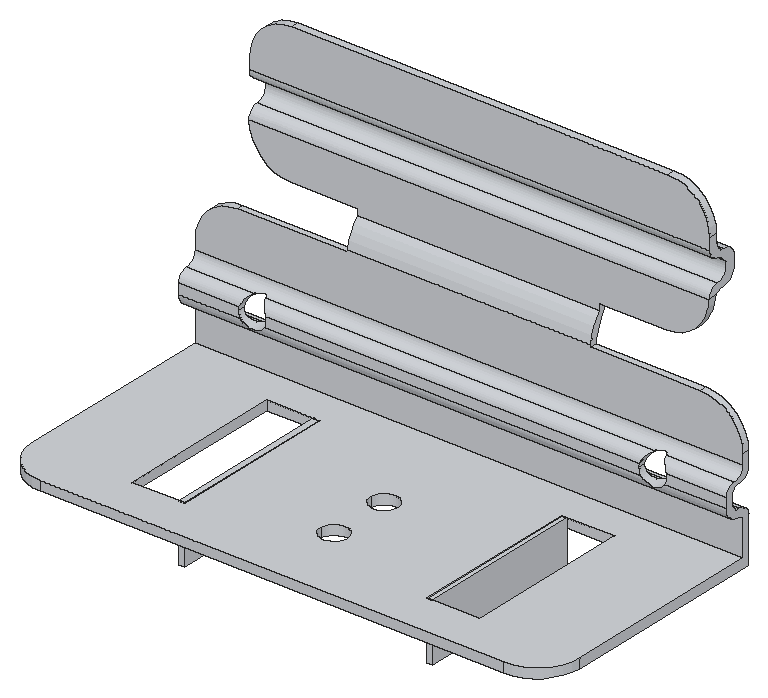
Revit family "BridgeClip (R)", category Structural Connections, Revit 2026
Family settings
  Material for Model Behavior = Other
  Work Plane-Based = No
  Enable Cutting in Views = No
  Always vertical = No
  Cut with Voids When Loaded = No
  Shared = No
Parameters
  Version = "2.0"
  URL = "http://www.steelnetwork.com/product.aspx/BridgeClip"
  Manufacturer = "The Steel Network, Inc."
Reference planes (in)
  plane 1 "Center (Front/Back)": y = 0
  plane 2: z = 0
  plane 3 "Center (Left/Right)": x = 0
  plane 4: z = 1.883
  plane 5: x = 1.18961
Forms (in)
  Extrusion 1, solid
    sketch origin (0, 0, 0) x (0, 1, 0) y (0, 0, 1)
      loop
        line (0.03884, 1.883) -> (0.03884, 1.5658)
        arc (0.03884, 1.5658) -> (0.05489, 1.52398) -> (0.09481, 1.50364) r 0.0625
        arc (0.09481, 1.50364) -> (0.12136, 1.49369) -> (0.14117, 1.47333) r 0.0625
        arc (0.14117, 1.47333) -> (0.15524, 1.40508) -> (0.09739, 1.36622) r 0.0625
        arc (0.09739, 1.36622) -> (0.0532, 1.34792) -> (0.03489, 1.30372) r 0.0625
        line (0.03489, 1.30372) -> (0.03489, 1.02258)
        arc (0.03489, 1.02258) -> (-0.01398, 0.95445) -> (-0.03787, 0.87409) r 0.2526
        line (-0.03787, 0.87409) -> (-0.03787, 0.55139)
        arc (-0.03787, 0.55139) -> (-0.05618, 0.50719) -> (-0.10037, 0.48889) r 0.0625
        arc (-0.10037, 0.48889) -> (-0.14257, 0.47249) -> (-0.16263, 0.43191) r 0.0625
        line (-0.16263, 0.43191) -> (-0.16263, 0.37151)
        arc (-0.16263, 0.37151) -> (-0.13873, 0.31381) -> (-0.08103, 0.28991) r 0.0816
        arc (-0.08103, 0.28991) -> (-0.05711, 0.28515) -> (-0.03683, 0.2716) r 0.0625
        line (-0.03683, 0.2716) -> (-0.03683, 0.0579) -> (-1.5, 0.0579) -> (-1.5, 0.0013) -> (0, 0.0013) -> (0, 0.26197)
        arc (0, 0.26197) -> (-0.01535, 0.31082) -> (-0.06207, 0.3318) r 0.0625
        arc (-0.06207, 0.3318) -> (-0.10768, 0.35157) -> (-0.12444, 0.39837) r 0.0625
        arc (-0.12444, 0.39837) -> (-0.10957, 0.44788) -> (-0.0625, 0.46926) r 0.0625
        arc (-0.0625, 0.46926) -> (-0.01831, 0.48757) -> (0, 0.53176) r 0.0625
        line (0, 0.53176) -> (0, 0.88286)
        arc (0, 0.88286) -> (0.03064, 0.96187) -> (0.07248, 1.03557) r 0.5793
        line (0.07248, 1.03557) -> (0.07248, 1.26907)
        arc (0.07248, 1.26907) -> (0.09078, 1.31327) -> (0.13498, 1.33157) r 0.0625
        arc (0.13498, 1.33157) -> (0.19268, 1.35547) -> (0.21658, 1.41317) r 0.0816
        line (0.21658, 1.41317) -> (0.21658, 1.46687)
        arc (0.21658, 1.46687) -> (0.19625, 1.513) -> (0.1485, 1.52912) r 0.0625
        arc (0.1485, 1.52912) -> (0.10536, 1.54799) -> (0.08763, 1.5916) r 0.0625
        line (0.08763, 1.5916) -> (0.08763, 1.883) -> (0.03884, 1.883)
    from -1.625 to 1.625
  Extrusion 2, void
    sketch origin (-1.625, -1.46897, 0) x (1, 0, 0) y (0, 1, 0)
      loop
        line (3.25, -0.03103) -> (3.25, 0.21897)
        arc (3.25, 0.21897) -> (3.17678, 0.0422) -> (3, -0.03103) r 0.25
        line (3, -0.03103) -> (3.25, -0.03103)
    from 0 to 0.0566
  Extrusion 3, void
    sketch origin (1.625, -1.46897, 0) x (-1, 0, 0) y (0, -1, 0)
      loop
        line (3.25, 0.03103) -> (3, 0.03103)
        arc (3, 0.03103) -> (3.17678, -0.0422) -> (3.25, -0.21897) r 0.25
        line (3.25, -0.21897) -> (3.25, 0.03103)
    from 0 to 0.0566
  Extrusion 4, void
    sketch origin (-1.625, -1.38381, 0) x (1, 0, 0) y (0, 1, 0)
      loop
        circle (1.625, 0.34397) r 0.082
      loop
        circle (1.625, 0.71597) r 0.082
    from 0.0013 to 0.0566
  Extrusion 5, void
    sketch origin (-1.59375, -1.46897, 0) x (1, 0, 0) y (0, 1, 0)
      loop
        line (0.874, 0.21897) -> (0.874, 1.21897) -> (0.5615, 1.21897) -> (0.5615, 0.21897) -> (0.874, 0.21897)
      loop
        line (2.626, 0.21897) -> (2.626, 1.21897) -> (2.3135, 1.21897) -> (2.3135, 0.21897) -> (2.626, 0.21897)
    from 0.0013 to 0.0566
  Extrusion 6, solid
    sketch origin (-1.59375, 0, 0) x (1, 0, 0) y (0, 0, 1)
      loop
        line (2.3135, 0.0579) -> (2.3135, -0.2838) -> (2.34475, -0.2838) -> (2.34475, 0.0579) -> (2.3135, 0.0579)
      loop
        line (0.84275, 0.0579) -> (0.84275, -0.2838) -> (0.874, -0.2838) -> (0.874, 0.0579) -> (0.84275, 0.0579)
    from 0.25 to 1.25
  Extrusion 7, void
    sketch origin (-1.62289, 0, 0.06055) x (1, 0, 0) y (0, 0, 1)
      loop
        circle (0.43602, 0.3524) r 0.082
      loop
        circle (2.8125, 0.3524) r 0.082
    from -0.21658 to 0.16263
  Extrusion 8, void
    sketch origin (-1.625, 0, 0) x (1, 0, 0) y (0, 0, 1)
      loop
        arc (2.74, 1.883) -> (2.91678, 1.80978) -> (2.99, 1.633) r 0.25
        line (2.99, 1.633) -> (2.99, 1.3097)
        arc (2.99, 1.3097) -> (2.91678, 1.13292) -> (2.74, 1.0597) r 0.25
        line (2.74, 1.0597) -> (2.3437, 1.0597) -> (2.3437, 0.8597) -> (3, 0.8597)
        arc (3, 0.8597) -> (3.17678, 0.78648) -> (3.25, 0.6097) r 0.25
        line (3.25, 0.6097) -> (3.25, 1.883) -> (2.74, 1.883)
    from -0.21658 to 0.16263
  Extrusion 9, void
    sketch origin (1.625, 0, 0) x (-1, 0, 0) y (0, 0, -1)
      loop
        line (2.74, -1.883) -> (3.25, -1.883) -> (3.25, -0.6097)
        arc (3.25, -0.6097) -> (3.17678, -0.78648) -> (3, -0.8597) r 0.25
        line (3, -0.8597) -> (2.3437, -0.8597) -> (2.3437, -1.0597) -> (2.74, -1.0597)
        arc (2.74, -1.0597) -> (2.91678, -1.13292) -> (2.99, -1.3097) r 0.25
        line (2.99, -1.3097) -> (2.99, -1.633)
        arc (2.99, -1.633) -> (2.91678, -1.80978) -> (2.74, -1.883) r 0.25
    from -0.21658 to 0.16263
Cuts and joins
  Extrusion 2, Extrusion 3, Extrusion 4, Extrusion 5, Extrusion 7, Extrusion 8, Extrusion 9 cuts Extrusion 1
